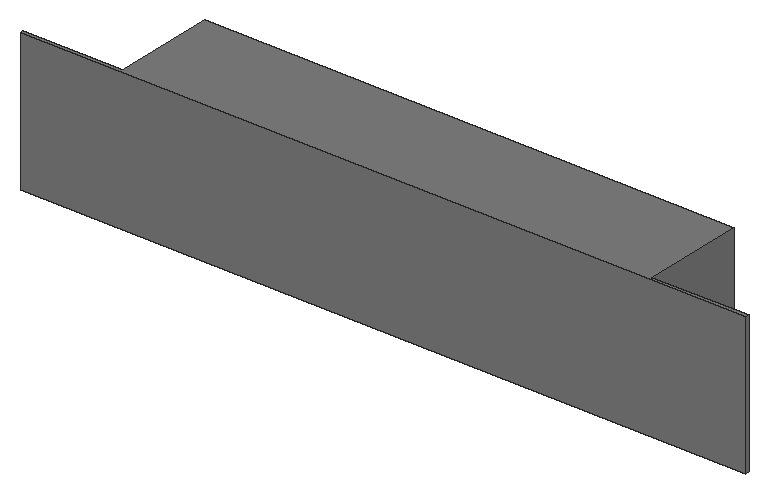
Revit family "600", category Generic Models, Revit 2021
Family settings
  Can host rebar = No
  Round Connector Dimension = Use Diameter
  Part Type = Normal
  Work Plane-Based = No
  Always vertical = Yes
  Cut with Voids When Loaded = No
  Shared = No
  Room Calculation Point = No
Parameters
  e-mail = "info@vola.com"
  URL = "http://vola.com"
  Telephone = "+45 7023 5500"
  Quality management standard = "ISO 9001"
  Organisation no. / DUNS no. = "17531328"
  Occupational health and safety management standard = "ISO 18001"
  Mounting Instructions = "http://vola.com/service/producturl.ashx?name=600"
  Model = "600"
  Materials and components information = "http://vola.com/service/producturl.ashx?name=600"
  Manufacturer = "VOLA A/S"
  Maintenance Instructions = "http://vola.com/service/producturl.ashx?name=600"
  Guarantee = "2 years"
  Flow = "65,00 l/min"
  Environmental management standard = "ISO 14000"
  Default Elevation = 0.00 mm
  Connection - All relevant connections = ""
  Approvals = "http://vola.com/service/producturl.ashx?name=600"
Reference planes
  plane 1 "Center (Front/Back)": y = 0
  plane 2: z = 0
  plane 3 "Center (Left/Right)": x = 0
  plane 4 "Front Plane": y = -71.5
  plane 5 "Inlet Center Plane": y = -23.5
  plane 6: z = 55
Forms (mm)
  Extrusion 1, solid, material "Default"
    sketch origin (0, 0, -14) x (1, 0, 0) y (0, 1, 0)
      loop
        line (-137.5, 0) -> (-137.5, -69) -> (220.5, -69) -> (220.5, 0) -> (-137.5, 0)
    from 21.5 to 116.5
  Extrusion 2, solid, material "Stainless Steel"
    sketch origin (51, 1.5, 7.5) x (0, 1, 0) y (1, 0, 0)
      loop
        circle (-25, -12) r 14
    from 0 to 7.5
  Extrusion 3, solid, material "Default"
    sketch origin (0, -1, -14) x (1, 0, 0) y (0, 1, 0)
      loop
        line (-205, -68) -> (-205, -70.5) -> (285.5, -70.5) -> (285.5, -68) -> (-205, -68)
    from 21.5 to 116.5
  Extrusion 4, solid, material "Stainless Steel"
    sketch origin (-27, 1.5, 7.5) x (0, 1, 0) y (1, 0, 0)
      loop
        circle (-25, -12) r 14
    from 0 to 7.5
Cuts and joins
  joined: Extrusion 1, Extrusion 3
Lines and regions (mm)
  reference lines
    curve 1: line (-39, -23.5, 55) -> (-39, -111.5, 55)
    curve 2: line (39, -23.5, 55) -> (39, -109.5, 55)
    curve 3: line (39, -23.5, 55) -> (39, -23.5, -44)
    curve 4: line (-39, -23.5, 55) -> (-39, -23.5, -44)
    curve 5: line (117, -25.5, 55) -> (117, -111.5, 55)
    curve 6: line (117, -38, 55) -> (117, -38, 154)
    curve 7: line (117, -38, 55) -> (117, -38, -44)
Dimensions and locks
  aligned and locked: plane 2 to level
  aligned and locked: plane 6 to curve 3
  aligned and locked: Extrusion 1 to Extrusion 3
  aligned and locked: Extrusion 3 to Extrusion 1
